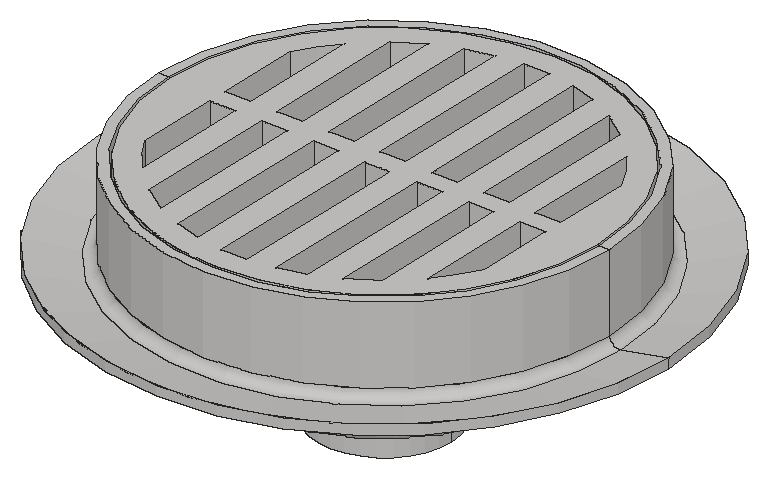
Revit family "Drain_Floor_Round_Zurn-1735", category Plumbing Fixtures, Revit 2022
Family settings
  Round Connector Dimension = Use Radius
  Part Type = Normal
  OmniClass Number = 23.70.50.21.24.14
  OmniClass Title = Deck Waste Water Drains
  Work Plane-Based = No
  Always vertical = Yes
  Cut with Voids When Loaded = No
  Maintain Annotation Orientation = No
  Shared = No
  Room Calculation Point = No
Parameters (values of type "Load Family Type Catalog")
  Waste Connection = 1 = 1  # yes
  WFU = 1  # constant formula
  Vent Connection = 1 = 0  # no
  URL = "www.zurn.com"
  Type Comments = "Z1735 3 Inch Butt-weld Outlet"
  Product data url = "https://www.bimobject.com/en-us/zurnindustries/product/zurn-z1735"
  Product Page URL = "https://www.zurn.com/products/drainage-interceptors/floor-drains/area-drains/z1735"
  Product Documentation Link = "https://files.zurn.com/spec-sheets/z1735.pdf"
  Pipe Size 'A' (Nominal Radius) = [Pipe Size 'A' (Nominal Diameter)] / 2  # 1.500"
  Pipe Size 'A' (Nominal Diameter) = 3.000"
  Pipe Size "A"(Outer Radius) = [Pipe Size 'A' (Outer Diameter)] / 2  # 1.750"
  Pipe Size "A"(Inner Radius) = [Pipe Size 'A' (Inner Diameter)] / 2  # 1.534"
  Model = "Z1735"
  Main Material = Steel - Zurn - Stainless - Type - 304
  HWFU = 0  # constant formula
  HW Connection = 1 = 0  # no
  Grate Open Area(Sq.In) = 33.00 in²
  Description = "12 [305] DIAMETER FLOOR DRAIN"  # constant formula
  CWFU = 0  # constant formula
  CW Connection = 1 = 0  # no
  Assembly Code = "D2030300"
  Pipe Size 'A' (Outer Diameter) = 3.500"
  Modified Date = "11/03/2025"  # constant formula
  Manufacurer Brand = "Zurn"  # constant formula
  Manufacturer = "Zurn Water, LLC"  # constant formula
  'E' Body Height = 6.000"
  Default Elevation = 10.000"  # constant formula
  Date Created = "03/09/2022"  # constant formula
  Approx. Weight (Lbs) = 50.000"
  Pipe Size 'A' (Inner Diameter) = 3.068"
Reference planes (in)
  plane 1 "Center (Front/Back)": y = 0
  plane 2: z = 0
  plane 3 "Center (Left/Right)": x = 0
  plane 4: x = -7.5
  plane 5: x = 7.5
  plane 6: x = -5.9375
  plane 7: x = 5.9375
  plane 8: x = 1.534
  plane 9: x = -1.534
  plane 10: z = -6
  plane 11: z = -2
  plane 12: z = -4.188
  plane 13: x = 1.75
  plane 14: x = -1.75
  plane 15: y = 1.75
  plane 16: y = -1.75
  plane 17: x = -5.0738
  plane 18: x = 5.14032
  plane 19: y = 5.9375
  plane 20: y = -5.9375
Forms (in)
  Revolve 1, solid, material "Steel - Zurn - Stainless - Type - 304" <- "Main Material", detail levels fine
    sketch origin (0, 0, 0) x (1, 0, 0) y (0, 0, 1)
      loop
        line (5.9375, 0) -> (5.68752, 0) -> (5.68752, -0.6875) -> (4.8125, -0.6875) -> (4.8125, -2.66078) -> (4.8125, -2.92289)
        arc (4.8125, -2.92289) -> (4.79086, -3.01302) -> (4.73066, -3.08351) r 0.19853
        line (4.73066, -3.08351) -> (4, -3.61436) -> (4, -3.938) -> (1.534, -3.938) -> (1.534, -6) -> (1.771, -6) -> (1.771, -4.24849)
        arc (1.771, -4.24849) -> (1.78872, -4.20572) -> (1.83149, -4.188) r 0.06049
        line (1.83149, -4.188) -> (4.14756, -4.188)
        arc (4.14756, -4.188) -> (4.21904, -4.1584) -> (4.24864, -4.08692) r 0.10108
        line (4.24864, -4.08692) -> (4.24864, -3.89912) -> (4.24864, -3.84371)
        arc (4.24864, -3.84371) -> (4.2571, -3.80862) -> (4.28063, -3.78124) r 0.07699
        line (4.28063, -3.78124) -> (5.9375, -2.5877) -> (7.5, -2.25559) -> (7.5, -2) -> (6.2398, -2.26786)
        arc (6.2398, -2.26786) -> (6.03029, -2.21777) -> (5.9375, -2.02337) r 0.25002
        line (5.9375, -2.02337) -> (5.9375, 0)
      axis (0, 0) -> (0, -6)
    angle from 0 to 360
Lines and regions (in)
  Masking region 1, detail levels fine
    outline origin (0, 0, 0) x (1, 0, 0) y (0, 1, 0)
      loop
        circle (0, 0) r 7.5
  model lines, detail levels coarse+medium
    curve 1: circle (0, 0, 0) r 5.9375 normal (0, 0, 1)
    curve 2: circle (0, 0, 0) r 5.625 normal (0, 0, 1)
    curve 3: line (0, 0, 0) -> (0, 0, -6)
    curve 4: line (-1.75, 0, -6) -> (1.75, 0, -6)
    curve 5: line (0, 1.75, -6) -> (0, -1.75, -6)
    curve 6: line (-4.61806, 3.21157, 0) -> (-4.61806, -3.21157, 0)
    curve 7: line (-3.29861, -4.55629, 0) -> (-3.29861, 4.55629, 0)
    curve 8: line (-1.97917, 5.26531, 0) -> (-1.97917, -5.26531, 0)
    curve 9: line (-0.65972, -5.58618, 0) -> (-0.65972, 5.58618, 0)
    curve 10: line (0.65972, 5.58618, 0) -> (0.65972, -5.58618, 0)
    curve 11: line (1.97917, -5.26531, 0) -> (1.97917, 5.26531, 0)
    curve 12: line (3.29861, 4.55629, 0) -> (3.29861, -4.55629, 0)
    curve 13: line (4.61806, -3.21157, 0) -> (4.61806, 3.21157, 0)
    curve 14: line (-3.21157, 4.61806, 0) -> (3.21157, 4.61806, 0)
    curve 15: line (-4.55629, 3.29861, 0) -> (4.55629, 3.29861, 0)
    curve 16: line (-5.26531, 1.97917, 0) -> (5.26531, 1.97917, 0)
    curve 17: line (5.58618, 0.65972, 0) -> (-5.58618, 0.65972, 0)
    curve 18: line (-5.58618, -0.65972, 0) -> (5.58618, -0.65972, 0)
    curve 19: line (5.26531, -1.97917, 0) -> (-5.26531, -1.97917, 0)
    curve 20: line (-4.55629, -3.29861, 0) -> (4.55629, -3.29861, 0)
    curve 21: line (3.21157, -4.61806, 0) -> (-3.21157, -4.61806, 0)
Dimensions and locks (in)
  equal spacing: plane 5, plane 3 "Center (Left/Right)", plane 4, locked at 7.5 each
  locked: plane 5 to plane 4 at 15
  equal spacing: plane 7, plane 3 "Center (Left/Right)", plane 6, locked at 5.9375 each
  locked: plane 7 to plane 6 at 11.875
  equal spacing: plane 8, plane 3 "Center (Left/Right)", plane 9
  "Pipe Size 'A' (Inner Diameter)": plane 8 to plane 9
  "'E' Body Height": level to plane 10
  locked: level to plane 11 at 2
  locked: level to plane 12 at 4.188
  locked: Revolve 1 sketch curve to Revolve 1 sketch curve at 0.32364
  locked: Revolve 1 sketch curve to plane 3 "Center (Left/Right)" at 4
  locked: Revolve 1 sketch curve to Revolve 1 sketch curve at 0.237
  Revolve 1 sketch curve to Revolve 1 sketch curve = 4.24864"
  equal spacing: plane 14, plane 3 "Center (Left/Right)", plane 13
  "Pipe Size 'A' (Outer Diameter)": plane 14 to plane 13
  locked: level to Revolve 1 sketch curve at 0.6875
  locked: Revolve 1 sketch curve to Revolve 1 sketch curve at 1.97328
  locked: plane 7 to Revolve 1 sketch curve at 1.125
  locked: Revolve 1 sketch curve to plane 7 at 0.24998
  locked: Revolve 1 sketch curve to Revolve 1 sketch curve at 0.25
  locked: Revolve 1 sketch curve to plane 12 at 0.25
  equal spacing: plane 15, plane 1 "Center (Front/Back)", plane 16
  "Pipe Size 'A' (Outer Diameter)": plane 15 to plane 16
  plane 17 to plane 3 "Center (Left/Right)" to plane 18 = 5.0738" locked, 5.14032" locked
  plane 17 to plane 18 = 10.21412"  (x2)
  equal spacing: plane 6, curve 6, curve 7, curve 8, curve 9, curve 10, curve 11, curve 12, curve 13, plane 7, locked at 1.31944 each
  plane 19 to plane 1 "Center (Front/Back)" to plane 20 = 5.9375" locked, 5.9375" locked
  equal spacing: plane 1 "Center (Front/Back)", curve 16, curve 15
  equal spacing: plane 19, curve 14, curve 15, curve 16, curve 17, curve 18, curve 19, curve 20, curve 21, plane 20, locked at 1.31944 each
  locked: Revolve 1 sketch curve to Revolve 1 sketch curve at 0.3031
  diameter of curve 1 = 11.875"
  diameter of curve 2 = 11.250"
  diameter of Masking region 1 sketch curve = 15.000"
  locked: plane 11 to Revolve 1 sketch curve (angle 12.00°)
  aligned and locked: plane 2 to level
  aligned and locked: level to Revolve 1 sketch curve
  aligned and locked: plane 7 to Revolve 1 sketch curve
  aligned and locked: plane 11 to Revolve 1 sketch curve
  aligned and locked: Revolve 1 sketch curve to plane 5
  aligned and locked: Revolve 1 sketch curve to plane 8
  aligned and locked: Revolve 1 sketch curve to plane 10
  aligned and locked: Revolve 1 sketch curve to plane 12
  aligned and locked: plane 3 "Center (Left/Right)" to curve 1
  aligned and locked: plane 1 "Center (Front/Back)" to curve 1
  aligned and locked: plane 3 "Center (Left/Right)" to curve 2
  aligned and locked: plane 1 "Center (Front/Back)" to curve 2
  aligned and locked: level to curve 3
  aligned and locked: plane 10 to curve 3
  aligned and locked: curve 3 to plane 3 "Center (Left/Right)"
  aligned and locked: plane 14 to curve 4
  aligned and locked: plane 13 to curve 4
  aligned and locked: curve 4 to plane 10
  aligned and locked: plane 15 to curve 5
  aligned and locked: plane 16 to curve 5
  aligned and locked: curve 5 to plane 10
  aligned and locked: plane 3 "Center (Left/Right)" to nested 1
  aligned and locked: plane 1 "Center (Front/Back)" to nested 1
  aligned and locked: plane 3 "Center (Left/Right)" to Masking region 1 sketch curve
  aligned and locked: plane 1 "Center (Front/Back)" to Masking region 1 sketch curve
  aligned and locked: nested 1 to Revolve 1 sketch curve
Automatic sketch dimensions
  Revolve 1 sketch curve to level = 0.000"
  Revolve 1 sketch curve to plane 3 "Center (Left/Right)" = 0.000"
  Revolve 1 sketch curve to plane 10 = 0.000"
  Revolve 1 sketch curve to plane 13 = 0.08149"
  Revolve 1 sketch curve to Revolve 1 sketch curve = 0.10108"
  Revolve 1 sketch curve to Revolve 1 sketch curve = 0.03199"
  Revolve 1 sketch curve to Revolve 1 sketch curve = 0.045"
  Revolve 1 sketch curve to Revolve 1 sketch curve = 0.19853"
  plane 11 to Revolve 1 sketch curve = 0.02337"
  Revolve 1 sketch curve to Revolve 1 sketch curve = 0.25002"
  Revolve 1 sketch curve to Revolve 1 sketch curve = 0.05541"
Nested families (in)
  nested 1: "Grate" at (0, 0, 0), Main Material <- "Main Material", type "Grate", detail levels fine
    with Main Material Steel - Zurn - Stainless - Type - 304
Connectors (in)
  piping at (0, 0, -6), diameter 3, driven by "Pipe Size 'A' (Nominal Radius)", driven by "Waste Connection", driven by "Waste Connection"
    settings: on Revolve 1, index 1, connector inside diameter 24", connector length 0.000", flow factor 0, pipe flow 0 GPM, pressure drop 0.00 psi, fitting loss kfactor 0, connector angle 0.00°, fixture units 0, engagement length 0.000", angle of deflection 0.00°, flow configuration 0, flow direction 2, fitting loss method 0, system type 16, joint type 0, gender type 0, connector reference index -1, connector utility 1, adjustable connector yes, is connector primary yes, connector description "Sanitary Outlet"
Definition of nested family "Grate"
  Parameters (values of type "Grate")
    WFU = 1  # constant formula
    URL = "www.zurn.com"
    Product data url = "https://www.bimobject.com/en-us/zurnindustries/product/zurn-z1735"
    Product Page URL = "https://www.zurn.com/products/drainage-interceptors/floor-drains/area-drains/z1735"
    Product Installation Sheet URL = ""
    Product Documentation Link = "https://files.zurn.com/spec-sheets/z1735.pdf"
    Model = "Z1735"  # constant formula
    Main Material [instance] = none
    HWFU = 0  # constant formula
    Grate Open Area(Sq.In) = 4752.00 in²
    Description = "12 [305] DIAMETER FLOOR DRAIN"  # constant formula
    CWFU = 0  # constant formula
    Assembly Code = "D2030300"
    Modified Date = "11/03/2025"  # constant formula
    Manufacurer Brand = "Zurn"  # constant formula
    Manufacturer = "Zurn Water, LLC"  # constant formula
    Default Elevation = 0.000"
    Date Created = ""
    Approx. Weight (Lbs) = 50.000"
  Reference planes (in)
    plane 1 "Center (Front/Back)": y = 0
    plane 2: z = 0
    plane 3 "Center (Left/Right)": x = 0
    plane 4: x = -7.5
    plane 5: x = 7.5
    plane 6: x = -5.9375
    plane 7: x = 5.9375
    plane 8: x = 3.0325
    plane 9: x = -3.0325
    plane 10: z = -6
    plane 11: z = -2
    plane 12: z = -4.188
    plane 13: x = 3.3125
    plane 14: x = -3.3125
    plane 15: y = 3.3125
    plane 16: y = -3.3125
    plane 17: x = -5.0738
    plane 18: x = 5.14032
    plane 19: y = 5.9375
    plane 20: y = -5.9375
  Forms (in)
    Extrusion 1, solid, material <- "Main Material"
      sketch origin (-0.0611, 0, -0.125) x (1, 0, 0) y (0, 1, 0)
        loop
          circle (0.0611, 0) r 5.625
      from 0.125 to -0.5
    Extrusion 2, void
      sketch origin (-0.28307, 0, 0) x (1, 0, 0) y (0, 1, 0)
        loop
          line (-0.02414, 0.25) -> (0.6568, 0.25) -> (0.6568, 4.98601)
          arc (0.6568, 4.98601) -> (0.31641, 4.99989) -> (-0.02414, 4.99055) r 5
          line (-0.02414, 4.99055) -> (-0.02414, 0.25)
        loop
          line (-1.38602, 0.25) -> (-0.70508, 0.25) -> (-0.70508, 4.90138)
          arc (-0.70508, 4.90138) -> (-1.04888, 4.81933) -> (-1.38602, 4.71319) r 5
          line (-1.38602, 4.71319) -> (-1.38602, 0.25)
        loop
          line (-2.7479, 0.25) -> (-2.06696, 0.25) -> (-2.06696, 4.41331)
          arc (-2.06696, 4.41331) -> (-2.41628, 4.20874) -> (-2.7479, 3.97658) r 5
          line (-2.7479, 3.97658) -> (-2.7479, 0.25)
        loop
          line (-4.10979, 0.25) -> (-3.42885, 0.25) -> (-3.42885, 3.34988)
          arc (-3.42885, 3.34988) -> (-3.79775, 2.8891) -> (-4.10979, 2.38805) r 5
          line (-4.10979, 2.38805) -> (-4.10979, 0.25)
        loop
          line (2.01869, 0.25) -> (2.01869, 4.6891)
          arc (2.01869, 4.6891) -> (1.68174, 4.80039) -> (1.33775, 4.8875) r 5
          line (1.33775, 4.8875) -> (1.33775, 0.25) -> (2.01869, 0.25)
        loop
          line (3.38057, 0.25) -> (3.38057, 3.92498)
          arc (3.38057, 3.92498) -> (3.04936, 4.16505) -> (2.69963, 4.37724) r 5
          line (2.69963, 4.37724) -> (2.69963, 0.25) -> (3.38057, 0.25)
        loop
          line (4.74245, 0.25) -> (4.74245, 2.26139)
          arc (4.74245, 2.26139) -> (4.43302, 2.78889) -> (4.06151, 3.27466) r 5
          line (4.06151, 3.27466) -> (4.06151, 0.25) -> (4.74245, 0.25)
        loop
          line (-0.02414, -0.25) -> (-0.02414, -4.99055)
          arc (-0.02414, -4.99055) -> (0.31641, -4.99989) -> (0.6568, -4.98601) r 5
          line (0.6568, -4.98601) -> (0.6568, -0.25) -> (-0.02414, -0.25)
        loop
          line (-1.38602, -0.25) -> (-1.38602, -4.71319)
          arc (-1.38602, -4.71319) -> (-1.04888, -4.81933) -> (-0.70508, -4.90138) r 5
          line (-0.70508, -4.90138) -> (-0.70508, -0.25) -> (-1.38602, -0.25)
        loop
          line (-2.7479, -0.25) -> (-2.7479, -3.97658)
          arc (-2.7479, -3.97658) -> (-2.41628, -4.20874) -> (-2.06696, -4.41331) r 5
          line (-2.06696, -4.41331) -> (-2.06696, -0.25) -> (-2.7479, -0.25)
        loop
          line (-4.10979, -0.25) -> (-4.10979, -2.38805)
          arc (-4.10979, -2.38805) -> (-3.79775, -2.8891) -> (-3.42885, -3.34988) r 5
          line (-3.42885, -3.34988) -> (-3.42885, -0.25) -> (-4.10979, -0.25)
        loop
          line (2.01869, -0.25) -> (1.33775, -0.25) -> (1.33775, -4.8875)
          arc (1.33775, -4.8875) -> (1.68174, -4.80039) -> (2.01869, -4.6891) r 5
          line (2.01869, -4.6891) -> (2.01869, -0.25)
        loop
          line (3.38057, -0.25) -> (2.69963, -0.25) -> (2.69963, -4.37724)
          arc (2.69963, -4.37724) -> (3.04936, -4.16505) -> (3.38057, -3.92498) r 5
          line (3.38057, -3.92498) -> (3.38057, -0.25)
        loop
          line (4.74245, -0.25) -> (4.06151, -0.25) -> (4.06151, -3.27466)
          arc (4.06151, -3.27466) -> (4.43302, -2.78889) -> (4.74245, -2.26139) r 5
          line (4.74245, -2.26139) -> (4.74245, -0.25)
      from -0.625 to 0
  Cuts and joins
    Extrusion 2 cuts Extrusion 1
  Dimensions and locks (in)
    equal spacing: plane 5, plane 3 "Center (Left/Right)", plane 4, locked at 7.5 each
    locked: plane 5 to plane 4 at 15
    equal spacing: plane 7, plane 3 "Center (Left/Right)", plane 6, locked at 5.9375 each
    locked: plane 7 to plane 6 at 11.875
    equal spacing: plane 8, plane 3 "Center (Left/Right)", plane 9
    locked: plane 8 to plane 9 at 6.065
    locked: level to plane 10 at 6
    locked: level to plane 11 at 2
    locked: level to plane 12 at 4.188
    equal spacing: plane 14, plane 3 "Center (Left/Right)", plane 13
    locked: plane 14 to plane 13 at 6.625
    locked: level to Extrusion 1 at 0.625
    locked: plane 1 "Center (Front/Back)" to Extrusion 2 sketch curve at 0.25  (x2)
    equal spacing: plane 15, plane 1 "Center (Front/Back)", plane 16
    locked: plane 15 to plane 16 at 6.625
    plane 17 to plane 3 "Center (Left/Right)" to plane 18 = 5.0738" locked, 5.14032" locked
    plane 17 to cut or joined group of Extrusion 1, Extrusion 2 to cut or joined group of Extrusion 1, Extrusion 2 to cut or joined group of Extrusion 1, Extrusion 2 to cut or joined group of Extrusion 1, Extrusion 2 to cut or joined group of Extrusion 1, Extrusion 2 to cut or joined group of Extrusion 1, Extrusion 2 to cut or joined group of Extrusion 1, Extrusion 2 to cut or joined group of Extrusion 1, Extrusion 2 to cut or joined group of Extrusion 1, Extrusion 2 to cut or joined group of Extrusion 1, Extrusion 2 to cut or joined group of Extrusion 1, Extrusion 2 to cut or joined group of Extrusion 1, Extrusion 2 to cut or joined group of Extrusion 1, Extrusion 2 to cut or joined group of Extrusion 1, Extrusion 2 to plane 18 = 0.68094" locked, 0.68094" locked, 0.68094" locked, 0.68094", 0.68094" locked, 0.68094" locked, 0.68094", 0.68094" locked, 0.68094" locked, 0.68094" locked, 0.68094" locked, 0.68094" locked, 0.68094" locked, 0.68094" locked, 0.68094" locked
    plane 6 to plane 7 = 11.875"
    equal spacing: plane 17, cut or joined group of Extrusion 1, Extrusion 2, cut or joined group of Extrusion 1, Extrusion 2, cut or joined group of Extrusion 1, Extrusion 2, cut or joined group of Extrusion 1, Extrusion 2, cut or joined group of Extrusion 1, Extrusion 2, cut or joined group of Extrusion 1, Extrusion 2, cut or joined group of Extrusion 1, Extrusion 2, cut or joined group of Extrusion 1, Extrusion 2, cut or joined group of Extrusion 1, Extrusion 2, cut or joined group of Extrusion 1, Extrusion 2, cut or joined group of Extrusion 1, Extrusion 2, cut or joined group of Extrusion 1, Extrusion 2, cut or joined group of Extrusion 1, Extrusion 2, cut or joined group of Extrusion 1, Extrusion 2, plane 18
    plane 19 to plane 1 "Center (Front/Back)" to plane 20 = 5.9375" locked, 5.9375" locked
    plane 19 to plane 20 = 11.875"
    locked: Extrusion 1 sketch curve to Extrusion 1 sketch curve (diameter 11.250")
    radius of Extrusion 2 sketch curve = 5.000"  (x14)
    aligned and locked: plane 2 to level
    aligned and locked: plane 1 "Center (Front/Back)" to Extrusion 1 sketch curve
    aligned and locked: level to Extrusion 1
    aligned and locked: plane 3 "Center (Left/Right)" to Extrusion 1 sketch curve
    aligned and locked: plane 3 "Center (Left/Right)" to Extrusion 2 sketch curve  (x3)
    aligned and locked: Extrusion 2 sketch curve to Extrusion 2 sketch curve  (x11)
    aligned and locked: Extrusion 1 to Extrusion 2
    aligned and locked: level to Extrusion 2
    aligned and locked: plane 1 "Center (Front/Back)" to Extrusion 2 sketch curve  (x12)
  Automatic sketch dimensions
    Extrusion 2 sketch curve to plane 3 "Center (Left/Right)" = 0.30721"
    Extrusion 2 sketch curve to Extrusion 2 sketch curve = 0.68094"  (x6)
    Extrusion 2 sketch curve to Extrusion 2 sketch curve = 0.000"  (x22)
    plane 9 to Extrusion 2 sketch curve = 0.00153"  (x2)
    plane 16 to Extrusion 2 sketch curve = 0.03738"
    plane 3 "Center (Left/Right)" to Extrusion 2 sketch curve = 0.37373"  (x2)
    Extrusion 2 sketch curve to plane 1 "Center (Front/Back)" = 0.250"
    plane 8 to Extrusion 2 sketch curve = 0.065"  (x2)
    plane 9 to Extrusion 2 sketch curve = 0.68247"
    Extrusion 2 sketch curve to plane 8 = 0.61594"
    plane 15 to Extrusion 2 sketch curve = 0.03784"
    Extrusion 2 sketch curve to plane 18 = 0.68094"
    Extrusion 2 sketch curve to Extrusion 2 sketch curve = 0.09851"
Types in the file's own list only (12): name | Type Comments | Pipe Size 'A' (Nominal Radius) | Pipe Size 'A' (Nominal Diameter) | Pipe Size "A"(Outer Radius) | Pipe Size "A"(Inner Radius) | Model | Main Material | Pipe Size 'A' (Outer Diameter) | 'E' Body Height | Default Elevation | Approx. Weight (Lbs) | Pipe Size 'A' (Inner Diameter)
  Z1735-3BW | "Z1735 3 Inch Butt-weld Outlet" | 1.500 " | 3.000 " | 1.750 " | 1.534 " | "Z1735" | Steel - Zurn - Stainless - Type - 304 | 3.500 " | 6.000 " | 10.000 " | 50.000 " | 3.068 "
  Z1735-4BW | "Z1735 4 Inch Butt-weld Outlet" | 2.000 " | 4.000 " | 2.250 " | 2.013 " | "Z1735" | Steel - Zurn - Stainless - Type - 304 | 4.500 " | 6.000 " | 10.000 " | 50.000 " | 4.026 "
  Z1735-6BW | "Z1735 6 Inch Butt-weld Outlet" | 3.000 " | 6.000 " | 3.313 " | 3.033 " | "Z1735" | Steel - Zurn - Stainless - Type - 304 | 6.625 " | 6.000 " | 10.000 " | 54.000 " | 6.065 "
  Z1735-3IP | "Z1735 3 Inch Threaded Outlet" | 1.500 " | 3.000 " | 1.750 " | 1.534 " | "Z1735" | Steel - Zurn - Stainless - Type - 304 | 3.500 " | 5.250 " | 10.000 " | 50.000 " | 3.068 "
  Z1735-4IP | "Z1735 4 Inch Threaded Outlet" | 2.000 " | 4.000 " | 2.250 " | 2.013 " | "Z1735" | Steel - Zurn - Stainless - Type - 304 | 4.500 " | 5.250 " | 10.000 " | 50.000 " | 4.026 "
  Z1735-6IP | "Z1735 6 Inch Threaded Outlet" | 3.000 " | 6.000 " | 3.313 " | 3.033 " | "Z1735" | Steel - Zurn - Stainless - Type - 304 | 6.625 " | 5.250 " | 10.000 " | 54.000 " | 6.065 "
  ZM1735-3BW | "ZM1735 3 Inch Butt-weld Outlet" | 1.500 " | 3.000 " | 1.750 " | 1.534 " | "ZM1735" | Steel - Zurn - Stainless - Type - 316 | 3.500 " | 6.000 " | 10.000 " | 50.000 " | 3.068 "
  ZM1735-4BW | "ZM1735 4 Inch Butt-weld Outlet" | 2.000 " | 4.000 " | 2.250 " | 2.013 " | "ZM1735" | Steel - Zurn - Stainless - Type - 316 | 4.500 " | 6.000 " | 10.000 " | 50.000 " | 4.026 "
  ZM1735-6BW | "ZM1735 6 Inch Butt-weld Outlet" | 3.000 " | 6.000 " | 3.313 " | 3.033 " | "ZM1735" | Steel - Zurn - Stainless - Type - 316 | 6.625 " | 6.000 " | 10.000 " | 54.000 " | 6.065 "
  ZM1735-3IP | "ZM1735 3 Inch Threaded Outlet" | 1.500 " | 3.000 " | 1.750 " | 1.534 " | "ZM1735" | Steel - Zurn - Stainless - Type - 316 | 3.500 " | 5.250 " | 10.000 " | 50.000 " | 3.068 "
  ZM1735-4IP | "ZM1735 4 Inch Threaded Outlet" | 2.000 " | 4.000 " | 2.250 " | 2.013 " | "ZM1735" | Steel - Zurn - Stainless - Type - 316 | 4.500 " | 5.250 " | 10.000 " | 50.000 " | 4.026 "
  ZM1735-6IP | "ZM1735 6 Inch Threaded Outlet" | 3.000 " | 6.000 " | 3.313 " | 3.033 " | "ZM1735" | Steel - Zurn - Stainless - Type - 316 | 6.625 " | 5.250 " | 10.000 " | 54.000 " | 6.065 "
